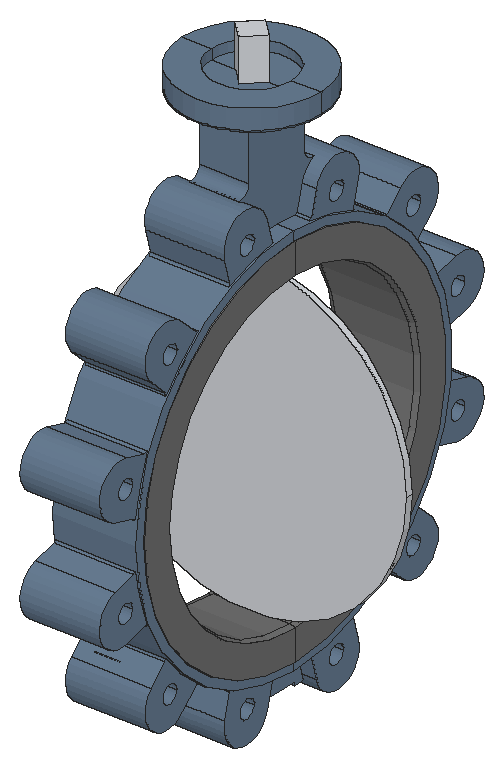
Revit family "HERZ Isolating Butterfly Valves AF-4219", category Rohrzubehör, Revit 2018 (continued)
Lines and regions (mm)
  model lines, detail levels coarse+medium
    curve 11: line (39, 0, -183) -> (-39, 0, 183)
    curve 12: circle (0, 0, 0) r 5 normal (0, -1, 0)
Dimensions and locks
  "H01": Revolve 2 sketch curve to plane 2
  "H02": Revolve 2 sketch curve to Revolve 2 sketch curve
  "R01": Revolve 2 sketch curve to Revolve 2 sketch curve
  "D01": plane 2 to Revolve 1 sketch curve
  "D02": plane 2 to Revolve 1 sketch curve
  "D03": plane 2 to Revolve 1 sketch curve
  "L01": Revolve 1 sketch curve to plane 3 "Mitte (Links/rechts)"
  "L02": plane 3 "Mitte (Links/rechts)" to Revolve 1 sketch curve  (x2)
  "D05": Revolve 6 sketch curve to plane 2
  "D04": Revolve 6 sketch curve to plane 2  (x2)
  "D02": Revolve 6 sketch curve to plane 2  (x2)
  "L03": plane 3 "Mitte (Links/rechts)" to Revolve 6 sketch curve
  "L02": Revolve 6 sketch curve to plane 3 "Mitte (Links/rechts)"
  "L03": Revolve 6 sketch curve to plane 3 "Mitte (Links/rechts)"
  "L01": plane 3 "Mitte (Links/rechts)" to Revolve 1 sketch curve
  "D02": Revolve 1 sketch curve to plane 2
  "L02": plane 3 "Mitte (Links/rechts)" to Revolve 6 sketch curve
  "D03": plane 2 to Revolve 6 sketch curve
  "L04": Revolve 6 sketch curve to plane 3 "Mitte (Links/rechts)" to Revolve 6 sketch curve
  "L01": curve 2 to plane 3 "Mitte (Links/rechts)" to curve 4
  equal spacing: curve 3, curve 6, curve 1
  equal spacing: curve 2, curve 6, curve 4
  "D01": curve 1 to plane 1 "Mitte (Vorne/hinten)" to curve 3
  "L01": curve 7 to curve 12 to curve 9
  "D01": curve 10 to curve 12 to curve 8
  "H03": Revolve 2 sketch curve to Revolve 2 sketch curve
  "R02": Revolve 2 sketch curve to Revolve 2 sketch curve
  equal spacing: Extrusion 24 sketch curve, curve 11, Extrusion 24 sketch curve  (x2)
  "L05": Extrusion 24 sketch curve to Extrusion 24 sketch curve  (x2)
  "H04": Extrusion 24 to plane 2
  "H05": Extrusion 24 to Revolve 2
  "R99": radius of Revolve 2 sketch curve
  "D06": radius of Extrusion 7 sketch curve
  radius of curve 6 = 5.000 mm
  radius of curve 12 = 5.000 mm
  aligned and locked: level to plane 2
Automatic sketch dimensions
  Extrusion 3 sketch curve to Extrusion 3 sketch curve = 0.000 mm  (x20)
  Extrusion 3 sketch curve to level = 0.000 mm
  Extrusion 3 sketch curve to plane 1 "Mitte (Vorne/hinten)" = 0.000 mm
  plane 1 "Mitte (Vorne/hinten)" to Extrusion 3 sketch curve = 18.495 mm  (x2)
  Extrusion 3 sketch curve to Extrusion 3 sketch curve = 1.414 mm  (x16)
  Extrusion 3 sketch curve to Extrusion 3 sketch curve = 12.265 mm  (x8)
  Extrusion 3 sketch curve to level = 19.909 mm  (x2)
  Extrusion 3 sketch curve to Extrusion 3 sketch curve = 24.042 mm  (x8)
  level to Extrusion 3 sketch curve = 19.909 mm  (x2)
  Extrusion 3 sketch curve to Extrusion 3 sketch curve = 12.021 mm  (x12)
  Extrusion 3 sketch curve to plane 1 "Mitte (Vorne/hinten)" = 18.495 mm  (x2)
  Extrusion 3 sketch curve to Extrusion 3 sketch curve = 0.934 mm  (x4)
  Extrusion 4 sketch curve to level = 0.000 mm
  Extrusion 4 sketch curve to plane 1 "Mitte (Vorne/hinten)" = 0.000 mm
  plane 1 "Mitte (Vorne/hinten)" to Extrusion 4 sketch curve = 18.495 mm
  Extrusion 4 sketch curve to Extrusion 4 sketch curve = 1.414 mm  (x4)
  plane 1 "Mitte (Vorne/hinten)" to Extrusion 4 sketch curve = 20.000 mm
  Extrusion 4 sketch curve to Extrusion 4 sketch curve = 12.265 mm  (x2)
  Extrusion 4 sketch curve to Extrusion 4 sketch curve = 15.000 mm  (x2)
  Extrusion 4 sketch curve to Extrusion 4 sketch curve = 12.021 mm  (x4)
  Extrusion 4 sketch curve to plane 1 "Mitte (Vorne/hinten)" = 18.495 mm
  Extrusion 4 sketch curve to plane 1 "Mitte (Vorne/hinten)" = 20.000 mm
  level to Extrusion 4 sketch curve = 43.950 mm
  Extrusion 4 sketch curve to Extrusion 4 sketch curve = 0.000 mm
  Extrusion 4 sketch curve to Extrusion 4 sketch curve = 0.244 mm  (x2)
  Extrusion 4 sketch curve to Extrusion 4 sketch curve = 18.630 mm  (x2)
  Extrusion 4 sketch curve to Extrusion 4 sketch curve = 0.934 mm
  Extrusion 5 sketch curve to level = 0.000 mm
  Extrusion 5 sketch curve to plane 1 "Mitte (Vorne/hinten)" = 0.000 mm
  plane 1 "Mitte (Vorne/hinten)" to Extrusion 5 sketch curve = 15.000 mm
  Extrusion 5 sketch curve to Extrusion 5 sketch curve = 1.963 mm  (x2)
  Extrusion 5 sketch curve to Extrusion 5 sketch curve = 1.531 mm  (x2)
  Extrusion 5 sketch curve to Extrusion 5 sketch curve = 1.414 mm  (x4)
  Extrusion 5 sketch curve to Extrusion 5 sketch curve = 15.210 mm  (x2)
  Extrusion 5 sketch curve to Extrusion 5 sketch curve = 1.660 mm  (x2)
  Extrusion 5 sketch curve to Extrusion 5 sketch curve = 12.021 mm  (x3)
  Extrusion 5 sketch curve to plane 1 "Mitte (Vorne/hinten)" = 15.000 mm
  Extrusion 5 sketch curve to Extrusion 5 sketch curve = 1.037 mm  (x2)
  Extrusion 5 sketch curve to Extrusion 5 sketch curve = 1.400 mm  (x2)
  Extrusion 5 sketch curve to Extrusion 5 sketch curve = 1.785 mm  (x2)
  Extrusion 5 sketch curve to Extrusion 5 sketch curve = 12.635 mm  (x2)
  Extrusion 5 sketch curve to Extrusion 5 sketch curve = 0.934 mm
  Extrusion 5 sketch curve to Extrusion 5 sketch curve = 0.788 mm  (x2)
  Extrusion 5 sketch curve to Extrusion 5 sketch curve = 0.000 mm  (x2)
  Extrusion 4 sketch curve to Extrusion 4 sketch curve = 37.155 mm
  Extrusion 5 sketch curve to level = 43.950 mm
  Extrusion 8 sketch curve to Extrusion 8 sketch curve = 0.000 mm  (x12)
  Extrusion 8 sketch curve to level = 39.244 mm  (x2)
  plane 1 "Mitte (Vorne/hinten)" to Extrusion 8 sketch curve = 63.286 mm
  level to Extrusion 8 sketch curve = 39.244 mm  (x2)
  Extrusion 8 sketch curve to Extrusion 8 sketch curve = 9.190 mm  (x2)
  level to Extrusion 8 sketch curve = 28.614 mm  (x2)
  Extrusion 8 sketch curve to Extrusion 8 sketch curve = 1.441 mm  (x8)
  Extrusion 8 sketch curve to level = 28.614 mm  (x2)
  Extrusion 8 sketch curve to Extrusion 8 sketch curve = 12.021 mm  (x6)
  level to Extrusion 8 sketch curve = 63.286 mm  (x2)
  Extrusion 8 sketch curve to level = 63.286 mm  (x2)
  level to Extrusion 8 sketch curve = 52.636 mm  (x2)
  Extrusion 8 sketch curve to Extrusion 8 sketch curve = 10.650 mm  (x4)
  Extrusion 8 sketch curve to level = 52.636 mm  (x2)
  Extrusion 8 sketch curve to Extrusion 8 sketch curve = 1.414 mm  (x8)
  level to Extrusion 8 sketch curve = 0.001 mm  (x2)
  Extrusion 8 sketch curve to Extrusion 8 sketch curve = 28.594 mm
  Extrusion 8 sketch curve to level = 0.001 mm  (x2)
  Extrusion 8 sketch curve to Extrusion 8 sketch curve = 0.001 mm  (x2)
  Extrusion 8 sketch curve to Extrusion 8 sketch curve = 54.361 mm  (x2)
  Extrusion 8 sketch curve to Extrusion 8 sketch curve = 1.390 mm  (x2)
  Extrusion 8 sketch curve to Extrusion 8 sketch curve = 10.630 mm  (x2)
  Extrusion 8 sketch curve to Extrusion 8 sketch curve = 1.832 mm  (x2)
  Extrusion 9 sketch curve to Extrusion 9 sketch curve = 0.000 mm  (x5)
  Extrusion 9 sketch curve to level = 0.000 mm
  Extrusion 9 sketch curve to level = 51.265 mm
  plane 1 "Mitte (Vorne/hinten)" to Extrusion 9 sketch curve = 51.265 mm
  level to Extrusion 9 sketch curve = 51.265 mm
  Extrusion 9 sketch curve to Extrusion 9 sketch curve = 9.247 mm  (x3)
  Extrusion 9 sketch curve to level = 63.286 mm  (x2)
  Extrusion 9 sketch curve to Extrusion 9 sketch curve = 2.774 mm  (x4)
  level to Extrusion 9 sketch curve = 63.286 mm  (x2)
  Extrusion 9 sketch curve to Extrusion 9 sketch curve = 2.244 mm  (x2)
  Extrusion 9 sketch curve to Extrusion 9 sketch curve = 0.183 mm  (x2)
  level to Extrusion 9 sketch curve = 52.636 mm  (x2)
  Extrusion 9 sketch curve to Extrusion 9 sketch curve = 10.650 mm  (x3)
  Extrusion 9 sketch curve to level = 52.636 mm  (x2)
  Extrusion 9 sketch curve to Extrusion 9 sketch curve = 1.414 mm  (x8)
  Extrusion 9 sketch curve to Extrusion 9 sketch curve = 14.817 mm  (x2)
  Extrusion 9 sketch curve to Extrusion 9 sketch curve = 7.210 mm
  Extrusion 9 sketch curve to Extrusion 9 sketch curve = 1.971 mm
  Extrusion 9 sketch curve to Extrusion 9 sketch curve = 28.595 mm
  Extrusion 9 sketch curve to Extrusion 9 sketch curve = 36.000 mm
  Extrusion 9 sketch curve to Extrusion 9 sketch curve = 1.997 mm
  Extrusion 9 sketch curve to Extrusion 9 sketch curve = 44.000 mm
  Extrusion 9 sketch curve to Extrusion 9 sketch curve = 5.181 mm
  Extrusion 9 sketch curve to Extrusion 9 sketch curve = 7.184 mm
  Extrusion 9 sketch curve to Extrusion 9 sketch curve = 12.021 mm  (x2)
  Extrusion 9 sketch curve to Extrusion 9 sketch curve = 14.891 mm
  Extrusion 9 sketch curve to Extrusion 9 sketch curve = 6.473 mm
  Extrusion 9 sketch curve to Extrusion 9 sketch curve = 12.756 mm  (x2)
  Extrusion 9 sketch curve to Extrusion 9 sketch curve = 55.987 mm
  Extrusion 10 sketch curve to Extrusion 10 sketch curve = 0.000 mm  (x48)
  level to Extrusion 10 sketch curve = 14.909 mm  (x2)
  plane 1 "Mitte (Vorne/hinten)" to Extrusion 10 sketch curve = 80.416 mm
  Extrusion 10 sketch curve to level = 14.909 mm  (x2)
  Extrusion 10 sketch curve to Extrusion 10 sketch curve = 6.506 mm  (x6)
  Extrusion 10 sketch curve to level = 46.321 mm  (x2)
  level to Extrusion 10 sketch curve = 46.321 mm  (x2)
  Extrusion 10 sketch curve to level = 7.243 mm
  Extrusion 10 sketch curve to Extrusion 10 sketch curve = 13.321 mm
  level to Extrusion 10 sketch curve = 7.243 mm
  Extrusion 10 sketch curve to level = 9.076 mm  (x2)
  Extrusion 10 sketch curve to Extrusion 10 sketch curve = 0.759 mm  (x8)
  level to Extrusion 10 sketch curve = 9.076 mm  (x2)
  level to Extrusion 10 sketch curve = 40.487 mm  (x2)
  Extrusion 10 sketch curve to Extrusion 10 sketch curve = 14.082 mm  (x4)
  Extrusion 10 sketch curve to level = 40.487 mm  (x2)
  Extrusion 10 sketch curve to Extrusion 10 sketch curve = 0.758 mm  (x8)
  level to Extrusion 10 sketch curve = 67.405 mm  (x2)
  Extrusion 10 sketch curve to Extrusion 10 sketch curve = 6.243 mm  (x2)
  Extrusion 10 sketch curve to level = 67.405 mm  (x2)
  Extrusion 10 sketch curve to Extrusion 10 sketch curve = 10.245 mm  (x4)
  level to Extrusion 10 sketch curve = 53.322 mm  (x2)
  Extrusion 10 sketch curve to Extrusion 10 sketch curve = 1.831 mm  (x8)
  Extrusion 10 sketch curve to level = 53.322 mm  (x2)
  Extrusion 10 sketch curve to Extrusion 10 sketch curve = 15.706 mm  (x6)
  level to Extrusion 10 sketch curve = 80.416 mm  (x2)
  Extrusion 10 sketch curve to level = 80.416 mm  (x2)
  Extrusion 10 sketch curve to level = 66.335 mm  (x2)
  Extrusion 10 sketch curve to Extrusion 10 sketch curve = 5.832 mm  (x4)
  level to Extrusion 10 sketch curve = 66.335 mm  (x2)
  Extrusion 10 sketch curve to Extrusion 10 sketch curve = 1.833 mm  (x6)
  level to Extrusion 10 sketch curve = 0.000 mm
  Extrusion 10 sketch curve to Extrusion 10 sketch curve = 14.486 mm  (x2)
  Extrusion 10 sketch curve to Extrusion 10 sketch curve = 9.873 mm  (x2)
  Extrusion 10 sketch curve to Extrusion 10 sketch curve = 5.833 mm  (x2)
  Extrusion 10 sketch curve to Extrusion 10 sketch curve = 13.013 mm
  Extrusion 10 sketch curve to Extrusion 10 sketch curve = 14.081 mm  (x2)
  Extrusion 10 sketch curve to Extrusion 10 sketch curve = 1.973 mm  (x4)
  Extrusion 10 sketch curve to Extrusion 10 sketch curve = 1.544 mm  (x4)
  Extrusion 10 sketch curve to Extrusion 10 sketch curve = 1.243 mm  (x3)
  Extrusion 10 sketch curve to Extrusion 10 sketch curve = 0.211 mm  (x2)
  Extrusion 10 sketch curve to Extrusion 10 sketch curve = 0.002 mm  (x5)
  Extrusion 10 sketch curve to Extrusion 10 sketch curve = 0.213 mm  (x2)
  Extrusion 10 sketch curve to Extrusion 10 sketch curve = 41.076 mm
  Extrusion 10 sketch curve to level = 0.000 mm
  level to Extrusion 11 sketch curve = 100.814 mm
  plane 1 "Mitte (Vorne/hinten)" to Extrusion 11 sketch curve = 32.000 mm
  Extrusion 11 sketch curve to Extrusion 11 sketch curve = 1.385 mm
  Extrusion 11 sketch curve to Extrusion 11 sketch curve = 10.000 mm  (x2)
  Extrusion 11 sketch curve to level = 80.416 mm
  Extrusion 11 sketch curve to Extrusion 11 sketch curve = 15.706 mm  (x3)
  level to Extrusion 11 sketch curve = 80.416 mm  (x2)
  Extrusion 11 sketch curve to Extrusion 11 sketch curve = 1.409 mm
  Extrusion 11 sketch curve to level = 66.335 mm  (x2)
  Extrusion 11 sketch curve to Extrusion 11 sketch curve = 5.832 mm  (x3)
  level to Extrusion 11 sketch curve = 66.335 mm  (x2)
  Extrusion 11 sketch curve to Extrusion 11 sketch curve = 1.833 mm  (x4)
  level to Extrusion 11 sketch curve = 0.554 mm
  Extrusion 11 sketch curve to Extrusion 11 sketch curve = 9.076 mm
  Extrusion 11 sketch curve to level = 0.554 mm
  Extrusion 11 sketch curve to Extrusion 11 sketch curve = 0.000 mm  (x3)
  Extrusion 11 sketch curve to Extrusion 11 sketch curve = 14.486 mm  (x2)
  Extrusion 11 sketch curve to Extrusion 11 sketch curve = 44.000 mm
  Extrusion 11 sketch curve to Extrusion 11 sketch curve = 0.759 mm  (x4)
  Extrusion 11 sketch curve to Extrusion 11 sketch curve = 6.506 mm
  Extrusion 11 sketch curve to Extrusion 11 sketch curve = 42.686 mm
  Extrusion 11 sketch curve to level = 80.371 mm
  Extrusion 11 sketch curve to Extrusion 11 sketch curve = 1.390 mm
  Extrusion 11 sketch curve to Extrusion 11 sketch curve = 27.000 mm
  Extrusion 12 sketch curve to Extrusion 12 sketch curve = 0.000 mm  (x40)
  Extrusion 12 sketch curve to level = 0.000 mm
  level to Extrusion 12 sketch curve = 18.736 mm  (x2)
  plane 1 "Mitte (Vorne/hinten)" to Extrusion 12 sketch curve = 89.655 mm
  Extrusion 12 sketch curve to level = 18.736 mm  (x2)
  Extrusion 12 sketch curve to Extrusion 12 sketch curve = 6.506 mm  (x6)
  Extrusion 12 sketch curve to level = 50.147 mm  (x2)
  level to Extrusion 12 sketch curve = 50.147 mm  (x2)
  Extrusion 12 sketch curve to Extrusion 12 sketch curve = 13.415 mm  (x2)
  Extrusion 12 sketch curve to level = 12.858 mm  (x2)
  Extrusion 12 sketch curve to Extrusion 12 sketch curve = 0.776 mm  (x8)
  level to Extrusion 12 sketch curve = 12.858 mm  (x2)
  Extrusion 12 sketch curve to level = 44.269 mm  (x2)
  Extrusion 12 sketch curve to Extrusion 12 sketch curve = 14.192 mm  (x4)
  level to Extrusion 12 sketch curve = 44.269 mm  (x2)
  Extrusion 12 sketch curve to Extrusion 12 sketch curve = 0.775 mm  (x8)
  level to Extrusion 12 sketch curve = 76.644 mm  (x2)
  Extrusion 12 sketch curve to Extrusion 12 sketch curve = 11.529 mm  (x2)
  Extrusion 12 sketch curve to level = 76.644 mm  (x2)
  Extrusion 12 sketch curve to Extrusion 12 sketch curve = 4.008 mm  (x2)
  level to Extrusion 12 sketch curve = 62.451 mm  (x2)
  Extrusion 12 sketch curve to Extrusion 12 sketch curve = 1.871 mm  (x8)
  Extrusion 12 sketch curve to level = 62.451 mm  (x2)
  Extrusion 12 sketch curve to Extrusion 12 sketch curve = 15.706 mm  (x6)
  level to Extrusion 12 sketch curve = 89.655 mm  (x2)
  Extrusion 12 sketch curve to level = 89.655 mm  (x2)
  Extrusion 12 sketch curve to level = 75.464 mm  (x2)
  Extrusion 12 sketch curve to Extrusion 12 sketch curve = 5.878 mm  (x4)
  level to Extrusion 12 sketch curve = 75.464 mm  (x2)
  Extrusion 12 sketch curve to Extrusion 12 sketch curve = 1.873 mm  (x8)
  Extrusion 12 sketch curve to Extrusion 12 sketch curve = 21.969 mm  (x2)
  Extrusion 12 sketch curve to Extrusion 12 sketch curve = 9.827 mm  (x2)
  Extrusion 12 sketch curve to Extrusion 12 sketch curve = 5.879 mm  (x2)
  Extrusion 12 sketch curve to Extrusion 12 sketch curve = 15.537 mm  (x2)
  Extrusion 12 sketch curve to Extrusion 12 sketch curve = 13.013 mm
  Extrusion 12 sketch curve to Extrusion 12 sketch curve = 14.190 mm  (x2)
  Extrusion 12 sketch curve to Extrusion 12 sketch curve = 44.269 mm
  Extrusion 13 sketch curve to Extrusion 13 sketch curve = 0.000 mm  (x5)
  Extrusion 13 sketch curve to level = 0.000 mm
  level to Extrusion 13 sketch curve = 114.470 mm
  plane 1 "Mitte (Vorne/hinten)" to Extrusion 13 sketch curve = 41.000 mm
  Extrusion 13 sketch curve to level = 83.149 mm
  Extrusion 13 sketch curve to Extrusion 13 sketch curve = 6.558 mm  (x2)
  Extrusion 13 sketch curve to Extrusion 13 sketch curve = 15.000 mm  (x2)
  level to Extrusion 13 sketch curve = 89.655 mm  (x2)
  Extrusion 13 sketch curve to Extrusion 13 sketch curve = 15.706 mm  (x2)
  Extrusion 13 sketch curve to Extrusion 13 sketch curve = 5.236 mm  (x2)
  level to Extrusion 13 sketch curve = 75.464 mm  (x2)
  Extrusion 13 sketch curve to Extrusion 13 sketch curve = 5.878 mm  (x3)
  Extrusion 13 sketch curve to level = 75.464 mm  (x2)
  Extrusion 13 sketch curve to Extrusion 13 sketch curve = 1.873 mm  (x4)
  Extrusion 13 sketch curve to Extrusion 13 sketch curve = 12.858 mm
  Extrusion 13 sketch curve to Extrusion 13 sketch curve = 21.969 mm
  Extrusion 13 sketch curve to Extrusion 13 sketch curve = 3.345 mm
  Extrusion 13 sketch curve to Extrusion 13 sketch curve = 3.000 mm  (x2)
  Extrusion 13 sketch curve to Extrusion 13 sketch curve = 6.506 mm  (x3)
  Extrusion 13 sketch curve to Extrusion 13 sketch curve = 0.776 mm  (x4)
  Extrusion 13 sketch curve to Extrusion 13 sketch curve = 31.321 mm
  Extrusion 13 sketch curve to Extrusion 13 sketch curve = 52.530 mm
  Extrusion 13 sketch curve to Extrusion 13 sketch curve = 11.129 mm  (x2)
  Extrusion 13 sketch curve to Extrusion 13 sketch curve = 9.812 mm  (x2)
  Extrusion 13 sketch curve to Extrusion 13 sketch curve = 3.078 mm
  Extrusion 13 sketch curve to Extrusion 13 sketch curve = 21.680 mm
  Extrusion 13 sketch curve to Extrusion 13 sketch curve = 2.515 mm
  Extrusion 13 sketch curve to Extrusion 13 sketch curve = 52.000 mm
  Extrusion 14 sketch curve to Extrusion 14 sketch curve = 0.000 mm  (x22)
  Extrusion 14 sketch curve to level = 24.476 mm  (x2)
  plane 1 "Mitte (Vorne/hinten)" to Extrusion 14 sketch curve = 103.513 mm
  level to Extrusion 14 sketch curve = 24.476 mm  (x2)
  Extrusion 14 sketch curve to Extrusion 14 sketch curve = 6.506 mm  (x6)
  Extrusion 14 sketch curve to Extrusion 14 sketch curve = 11.623 mm  (x2)
  Extrusion 14 sketch curve to level = 19.351 mm  (x2)
  Extrusion 14 sketch curve to Extrusion 14 sketch curve = 0.749 mm  (x8)
  level to Extrusion 14 sketch curve = 19.351 mm  (x2)
  Extrusion 14 sketch curve to level = 55.888 mm  (x2)
  level to Extrusion 14 sketch curve = 55.888 mm  (x2)
  Extrusion 14 sketch curve to level = 50.783 mm  (x2)
  Extrusion 14 sketch curve to Extrusion 14 sketch curve = 12.323 mm  (x4)
  level to Extrusion 14 sketch curve = 50.783 mm  (x2)
  Extrusion 14 sketch curve to Extrusion 14 sketch curve = 0.774 mm  (x8)
  level to Extrusion 14 sketch curve = 90.502 mm  (x2)
  Extrusion 14 sketch curve to Extrusion 14 sketch curve = 21.517 mm  (x2)
  Extrusion 14 sketch curve to level = 90.502 mm  (x2)
  Extrusion 14 sketch curve to Extrusion 14 sketch curve = 3.235 mm  (x2)
  Extrusion 14 sketch curve to level = 78.179 mm  (x2)
  Extrusion 14 sketch curve to Extrusion 14 sketch curve = 1.869 mm  (x8)
  level to Extrusion 14 sketch curve = 78.179 mm  (x2)
  Extrusion 14 sketch curve to Extrusion 14 sketch curve = 15.706 mm  (x6)
  level to Extrusion 14 sketch curve = 103.513 mm  (x2)
  Extrusion 14 sketch curve to level = 103.513 mm  (x2)
  level to Extrusion 14 sketch curve = 91.141 mm  (x2)
  Extrusion 14 sketch curve to Extrusion 14 sketch curve = 5.125 mm  (x4)
  Extrusion 14 sketch curve to level = 91.141 mm  (x2)
  Extrusion 14 sketch curve to Extrusion 14 sketch curve = 1.809 mm  (x8)
  Extrusion 14 sketch curve to level = 0.103 mm  (x2)
  Extrusion 14 sketch curve to Extrusion 14 sketch curve = 90.896 mm
  level to Extrusion 14 sketch curve = 0.103 mm  (x2)
  Extrusion 14 sketch curve to Extrusion 14 sketch curve = 0.142 mm  (x7)
  Extrusion 14 sketch curve to Extrusion 14 sketch curve = 0.207 mm  (x2)
  Extrusion 14 sketch curve to Extrusion 14 sketch curve = 35.084 mm  (x2)
  Extrusion 14 sketch curve to Extrusion 14 sketch curve = 10.601 mm  (x2)
  Extrusion 14 sketch curve to Extrusion 14 sketch curve = 5.104 mm  (x2)
  Extrusion 14 sketch curve to Extrusion 14 sketch curve = 24.752 mm  (x2)
  Extrusion 14 sketch curve to Extrusion 14 sketch curve = 12.962 mm  (x2)
  Extrusion 14 sketch curve to Extrusion 14 sketch curve = 12.372 mm  (x2)
  Extrusion 14 sketch curve to level = 0.245 mm
  Extrusion 14 sketch curve to Extrusion 14 sketch curve = 1.933 mm  (x2)
  Extrusion 14 sketch curve to Extrusion 14 sketch curve = 0.314 mm  (x2)
  level to Extrusion 15 sketch curve = 97.007 mm
  plane 1 "Mitte (Vorne/hinten)" to Extrusion 15 sketch curve = 40.182 mm
  Extrusion 15 sketch curve to level = 97.007 mm
  Extrusion 15 sketch curve to Extrusion 15 sketch curve = 0.000 mm  (x7)
  Extrusion 15 sketch curve to Extrusion 15 sketch curve = 4.132 mm
  Extrusion 15 sketch curve to Extrusion 15 sketch curve = 10.048 mm  (x2)
  Extrusion 15 sketch curve to Extrusion 15 sketch curve = 15.706 mm  (x3)
  level to Extrusion 15 sketch curve = 103.513 mm  (x2)
  level to Extrusion 15 sketch curve = 91.141 mm  (x2)
  Extrusion 15 sketch curve to Extrusion 15 sketch curve = 5.125 mm  (x3)
  Extrusion 15 sketch curve to level = 91.141 mm  (x2)
  Extrusion 15 sketch curve to Extrusion 15 sketch curve = 1.809 mm  (x4)
  Extrusion 15 sketch curve to Extrusion 15 sketch curve = 10.974 mm  (x2)
  Extrusion 15 sketch curve to level = 0.111 mm
  Extrusion 15 sketch curve to Extrusion 15 sketch curve = 19.350 mm
  level to Extrusion 15 sketch curve = 0.111 mm
  Extrusion 15 sketch curve to Extrusion 15 sketch curve = 35.081 mm
  Extrusion 15 sketch curve to Extrusion 15 sketch curve = 4.041 mm
  Extrusion 15 sketch curve to level = 103.513 mm
  Extrusion 15 sketch curve to Extrusion 15 sketch curve = 9.998 mm  (x2)
  Extrusion 15 sketch curve to Extrusion 15 sketch curve = 3.000 mm
  Extrusion 15 sketch curve to Extrusion 15 sketch curve = 6.505 mm  (x2)
  Extrusion 15 sketch curve to Extrusion 15 sketch curve = 0.749 mm  (x4)
  Extrusion 15 sketch curve to Extrusion 15 sketch curve = 20.176 mm  (x2)
  Extrusion 15 sketch curve to Extrusion 15 sketch curve = 62.311 mm
  Extrusion 15 sketch curve to Extrusion 15 sketch curve = 0.048 mm
  Extrusion 15 sketch curve to Extrusion 15 sketch curve = 11.626 mm  (x2)
  Extrusion 15 sketch curve to Extrusion 15 sketch curve = 27.000 mm
  Extrusion 15 sketch curve to Extrusion 15 sketch curve = 52.000 mm
  Extrusion 16 sketch curve to Extrusion 16 sketch curve = 0.000 mm  (x23)
  Extrusion 16 sketch curve to level = 26.521 mm  (x2)
  plane 1 "Mitte (Vorne/hinten)" to Extrusion 16 sketch curve = 118.902 mm
  level to Extrusion 16 sketch curve = 26.521 mm  (x2)
  Extrusion 16 sketch curve to Extrusion 16 sketch curve = 8.036 mm  (x6)
  Extrusion 16 sketch curve to Extrusion 16 sketch curve = 15.875 mm  (x2)
  level to Extrusion 16 sketch curve = 65.323 mm  (x2)
  Extrusion 16 sketch curve to level = 65.323 mm  (x2)
  level to Extrusion 16 sketch curve = 19.621 mm  (x2)
  Extrusion 16 sketch curve to Extrusion 16 sketch curve = 0.782 mm  (x8)
  Extrusion 16 sketch curve to level = 19.621 mm  (x2)
  Extrusion 16 sketch curve to level = 58.409 mm  (x2)
  Extrusion 16 sketch curve to Extrusion 16 sketch curve = 16.693 mm  (x4)
  level to Extrusion 16 sketch curve = 58.409 mm  (x2)
  Extrusion 16 sketch curve to Extrusion 16 sketch curve = 0.763 mm  (x8)
  Extrusion 16 sketch curve to level = 102.829 mm  (x2)
  Extrusion 16 sketch curve to Extrusion 16 sketch curve = 20.050 mm  (x2)
  level to Extrusion 16 sketch curve = 102.829 mm  (x2)
  Extrusion 16 sketch curve to Extrusion 16 sketch curve = 5.074 mm  (x2)
  level to Extrusion 16 sketch curve = 86.136 mm  (x2)
  Extrusion 16 sketch curve to Extrusion 16 sketch curve = 1.841 mm  (x8)
  Extrusion 16 sketch curve to level = 86.136 mm  (x2)
  Extrusion 16 sketch curve to Extrusion 16 sketch curve = 19.401 mm  (x6)
  level to Extrusion 16 sketch curve = 118.902 mm  (x2)
  Extrusion 16 sketch curve to level = 118.902 mm  (x2)
  level to Extrusion 16 sketch curve = 102.246 mm  (x2)
  Extrusion 16 sketch curve to Extrusion 16 sketch curve = 6.899 mm  (x4)
  Extrusion 16 sketch curve to level = 102.246 mm  (x2)
  Extrusion 16 sketch curve to Extrusion 16 sketch curve = 1.887 mm  (x8)
  level to Extrusion 16 sketch curve = 0.002 mm  (x2)
  Extrusion 16 sketch curve to Extrusion 16 sketch curve = 86.133 mm
  Extrusion 16 sketch curve to level = 0.002 mm
  Extrusion 16 sketch curve to Extrusion 16 sketch curve = 0.001 mm  (x8)
  Extrusion 16 sketch curve to Extrusion 16 sketch curve = 35.469 mm  (x2)
  Extrusion 16 sketch curve to Extrusion 16 sketch curve = 12.487 mm  (x2)
  Extrusion 16 sketch curve to Extrusion 16 sketch curve = 6.914 mm  (x2)
  Extrusion 16 sketch curve to Extrusion 16 sketch curve = 25.124 mm  (x2)
  Extrusion 16 sketch curve to Extrusion 16 sketch curve = 16.110 mm
  Extrusion 16 sketch curve to Extrusion 16 sketch curve = 16.656 mm  (x2)
  Extrusion 16 sketch curve to level = 0.003 mm
  Extrusion 16 sketch curve to Extrusion 16 sketch curve = 2.019 mm  (x2)
  Extrusion 16 sketch curve to Extrusion 16 sketch curve = 0.309 mm  (x2)
  Extrusion 16 sketch curve to Extrusion 16 sketch curve = 0.004 mm  (x2)
  Extrusion 17 sketch curve to Extrusion 17 sketch curve = 0.000 mm  (x7)
  Extrusion 17 sketch curve to level = 0.000 mm
  Extrusion 17 sketch curve to plane 1 "Mitte (Vorne/hinten)" = 0.000 mm
  plane 1 "Mitte (Vorne/hinten)" to Extrusion 17 sketch curve = 13.500 mm
  plane 1 "Mitte (Vorne/hinten)" to Extrusion 17 sketch curve = 17.734 mm  (x2)
  Extrusion 17 sketch curve to Extrusion 17 sketch curve = 1.887 mm  (x4)
  plane 1 "Mitte (Vorne/hinten)" to Extrusion 17 sketch curve = 26.000 mm
  Extrusion 17 sketch curve to Extrusion 17 sketch curve = 0.521 mm
  Extrusion 17 sketch curve to Extrusion 17 sketch curve = 13.021 mm  (x2)
  Extrusion 17 sketch curve to Extrusion 17 sketch curve = 4.341 mm  (x2)
  Extrusion 17 sketch curve to Extrusion 17 sketch curve = 10.000 mm  (x2)
  Extrusion 17 sketch curve to Extrusion 17 sketch curve = 19.401 mm  (x4)
  Extrusion 17 sketch curve to plane 1 "Mitte (Vorne/hinten)" = 13.500 mm
  Extrusion 17 sketch curve to plane 1 "Mitte (Vorne/hinten)" = 17.734 mm  (x2)
  Extrusion 17 sketch curve to Extrusion 17 sketch curve = 6.899 mm
  Extrusion 17 sketch curve to level = 102.246 mm
  Extrusion 17 sketch curve to Extrusion 17 sketch curve = 0.782 mm  (x4)
  Extrusion 17 sketch curve to Extrusion 17 sketch curve = 8.620 mm  (x4)
  Extrusion 17 sketch curve to Extrusion 17 sketch curve = 16.656 mm  (x4)
  Extrusion 17 sketch curve to Extrusion 17 sketch curve = 3.000 mm
  level to Extrusion 17 sketch curve = 102.246 mm
  Extrusion 17 sketch curve to Extrusion 17 sketch curve = 16.098 mm  (x2)
  Extrusion 17 sketch curve to Extrusion 17 sketch curve = 64.000 mm
  Extrusion 17 sketch curve to Extrusion 17 sketch curve = 4.938 mm
  Extrusion 18 sketch curve to Extrusion 18 sketch curve = 0.000 mm  (x62)
  Extrusion 18 sketch curve to level = 0.000 mm
  Extrusion 18 sketch curve to level = 17.891 mm  (x2)
  plane 1 "Mitte (Vorne/hinten)" to Extrusion 18 sketch curve = 147.909 mm
  level to Extrusion 18 sketch curve = 17.891 mm  (x2)
  Extrusion 18 sketch curve to Extrusion 18 sketch curve = 5.435 mm  (x6)
  Extrusion 18 sketch curve to level = 58.460 mm  (x2)
  level to Extrusion 18 sketch curve = 58.460 mm  (x2)
  Extrusion 18 sketch curve to Extrusion 18 sketch curve = 15.462 mm  (x2)
  level to Extrusion 18 sketch curve = 13.612 mm  (x2)
  Extrusion 18 sketch curve to Extrusion 18 sketch curve = 0.509 mm  (x8)
  Extrusion 18 sketch curve to level = 13.612 mm  (x2)
  Extrusion 18 sketch curve to level = 54.199 mm  (x2)
  Extrusion 18 sketch curve to Extrusion 18 sketch curve = 15.903 mm  (x4)
  level to Extrusion 18 sketch curve = 54.199 mm  (x2)
  Extrusion 18 sketch curve to Extrusion 18 sketch curve = 0.530 mm  (x8)
  Extrusion 18 sketch curve to level = 89.449 mm  (x2)
  Extrusion 18 sketch curve to Extrusion 18 sketch curve = 1.459 mm  (x2)
  level to Extrusion 18 sketch curve = 89.449 mm  (x2)
  Extrusion 18 sketch curve to Extrusion 18 sketch curve = 10.302 mm  (x2)
  Extrusion 18 sketch curve to level = 77.758 mm  (x2)
  Extrusion 18 sketch curve to Extrusion 18 sketch curve = 1.389 mm  (x8)
  level to Extrusion 18 sketch curve = 77.758 mm  (x2)
  Extrusion 18 sketch curve to Extrusion 18 sketch curve = 14.849 mm  (x6)
  Extrusion 18 sketch curve to level = 119.147 mm  (x2)
  level to Extrusion 18 sketch curve = 119.147 mm  (x2)
  level to Extrusion 18 sketch curve = 107.506 mm  (x2)
  Extrusion 18 sketch curve to Extrusion 18 sketch curve = 11.642 mm  (x4)
  Extrusion 18 sketch curve to level = 107.506 mm  (x2)
  Extrusion 18 sketch curve to Extrusion 18 sketch curve = 1.448 mm  (x8)
  level to Extrusion 18 sketch curve = 137.039 mm  (x2)
  Extrusion 18 sketch curve to Extrusion 18 sketch curve = 17.899 mm  (x2)
  Extrusion 18 sketch curve to level = 137.039 mm  (x2)
  Extrusion 18 sketch curve to Extrusion 18 sketch curve = 2.283 mm  (x2)
  Extrusion 18 sketch curve to level = 121.136 mm  (x2)
  Extrusion 18 sketch curve to Extrusion 18 sketch curve = 1.978 mm  (x8)
  level to Extrusion 18 sketch curve = 121.136 mm  (x2)
  Extrusion 18 sketch curve to Extrusion 18 sketch curve = 20.284 mm  (x6)
  Extrusion 18 sketch curve to level = 147.909 mm  (x2)
  level to Extrusion 18 sketch curve = 147.909 mm  (x2)
  level to Extrusion 18 sketch curve = 131.939 mm  (x2)
  Extrusion 18 sketch curve to Extrusion 18 sketch curve = 4.279 mm  (x4)
  Extrusion 18 sketch curve to level = 131.939 mm  (x2)
  Extrusion 18 sketch curve to Extrusion 18 sketch curve = 1.898 mm  (x8)
  Extrusion 18 sketch curve to Extrusion 18 sketch curve = 13.612 mm
  Extrusion 18 sketch curve to Extrusion 18 sketch curve = 23.429 mm  (x2)
  Extrusion 18 sketch curve to Extrusion 18 sketch curve = 16.023 mm  (x2)
  Extrusion 18 sketch curve to Extrusion 18 sketch curve = 4.261 mm  (x2)
  Extrusion 18 sketch curve to Extrusion 18 sketch curve = 20.183 mm  (x2)
  Extrusion 18 sketch curve to Extrusion 18 sketch curve = 3.158 mm  (x2)
  Extrusion 18 sketch curve to Extrusion 18 sketch curve = 11.691 mm  (x2)
  Extrusion 18 sketch curve to Extrusion 18 sketch curve = 11.760 mm  (x2)
  Extrusion 18 sketch curve to Extrusion 18 sketch curve = 10.803 mm
  Extrusion 18 sketch curve to Extrusion 18 sketch curve = 15.970 mm  (x2)
  Extrusion 19 sketch curve to Extrusion 19 sketch curve = 0.000 mm  (x5)
  Extrusion 19 sketch curve to level = 0.000 mm
  Extrusion 19 sketch curve to level = 142.474 mm
  plane 1 "Mitte (Vorne/hinten)" to Extrusion 19 sketch curve = 38.176 mm
  level to Extrusion 19 sketch curve = 142.474 mm
  Extrusion 19 sketch curve to Extrusion 19 sketch curve = 8.163 mm
  Extrusion 19 sketch curve to Extrusion 19 sketch curve = 2.013 mm  (x2)
  Extrusion 19 sketch curve to level = 147.909 mm
  Extrusion 19 sketch curve to Extrusion 19 sketch curve = 20.284 mm  (x3)
  level to Extrusion 19 sketch curve = 147.909 mm  (x2)
  Extrusion 19 sketch curve to Extrusion 19 sketch curve = 10.109 mm
  Extrusion 19 sketch curve to level = 131.939 mm  (x2)
  Extrusion 19 sketch curve to Extrusion 19 sketch curve = 4.279 mm  (x4)
  level to Extrusion 19 sketch curve = 131.939 mm  (x2)
  Extrusion 19 sketch curve to Extrusion 19 sketch curve = 1.898 mm  (x4)
  Extrusion 19 sketch curve to Extrusion 19 sketch curve = 13.612 mm
  Extrusion 19 sketch curve to Extrusion 19 sketch curve = 23.429 mm  (x2)
  Extrusion 19 sketch curve to Extrusion 19 sketch curve = 56.000 mm
  Extrusion 19 sketch curve to Extrusion 19 sketch curve = 5.435 mm  (x2)
  Extrusion 19 sketch curve to Extrusion 19 sketch curve = 0.509 mm  (x4)
  Extrusion 19 sketch curve to Extrusion 19 sketch curve = 16.081 mm  (x2)
  Extrusion 19 sketch curve to Extrusion 19 sketch curve = 66.010 mm
  Extrusion 19 sketch curve to Extrusion 19 sketch curve = 1.832 mm  (x2)
  Extrusion 19 sketch curve to Extrusion 19 sketch curve = 0.173 mm
  Extrusion 20 sketch curve to level = 22.097 mm  (x2)
  plane 1 "Mitte (Vorne/hinten)" to Extrusion 20 sketch curve = 177.618 mm
  level to Extrusion 20 sketch curve = 22.097 mm  (x2)
  Extrusion 20 sketch curve to Extrusion 20 sketch curve = 0.000 mm  (x17)
  Extrusion 20 sketch curve to Extrusion 20 sketch curve = 6.470 mm  (x4)
  Extrusion 20 sketch curve to Extrusion 20 sketch curve = 2.415 mm  (x8)
  level to Extrusion 20 sketch curve = 70.393 mm  (x2)
  Extrusion 20 sketch curve to level = 70.393 mm  (x2)
  Extrusion 20 sketch curve to Extrusion 20 sketch curve = 18.556 mm  (x2)
  Extrusion 20 sketch curve to level = 16.983 mm  (x2)
  Extrusion 20 sketch curve to Extrusion 20 sketch curve = 0.529 mm  (x16)
  level to Extrusion 20 sketch curve = 16.983 mm  (x2)
  level to Extrusion 20 sketch curve = 65.280 mm  (x2)
  Extrusion 20 sketch curve to Extrusion 20 sketch curve = 19.085 mm  (x6)
  Extrusion 20 sketch curve to level = 65.280 mm  (x2)
  Extrusion 20 sketch curve to level = 107.956 mm  (x2)
  Extrusion 20 sketch curve to Extrusion 20 sketch curve = 2.085 mm  (x2)
  level to Extrusion 20 sketch curve = 107.956 mm  (x2)
  Extrusion 20 sketch curve to Extrusion 20 sketch curve = 12.527 mm  (x2)
  level to Extrusion 20 sketch curve = 93.984 mm  (x2)
  Extrusion 20 sketch curve to Extrusion 20 sketch curve = 1.445 mm  (x16)
  Extrusion 20 sketch curve to level = 93.984 mm  (x2)
  Extrusion 20 sketch curve to Extrusion 20 sketch curve = 17.678 mm  (x4)
  Extrusion 20 sketch curve to Extrusion 20 sketch curve = 1.768 mm  (x8)
  level to Extrusion 20 sketch curve = 143.311 mm  (x2)
  Extrusion 20 sketch curve to level = 143.311 mm  (x2)
  Extrusion 20 sketch curve to level = 129.340 mm  (x2)
  Extrusion 20 sketch curve to Extrusion 20 sketch curve = 13.971 mm  (x6)
  level to Extrusion 20 sketch curve = 129.340 mm  (x2)
  level to Extrusion 20 sketch curve = 164.981 mm  (x2)
  Extrusion 20 sketch curve to Extrusion 20 sketch curve = 22.118 mm  (x2)
  Extrusion 20 sketch curve to level = 164.981 mm  (x2)
  Extrusion 20 sketch curve to Extrusion 20 sketch curve = 3.140 mm  (x2)
  level to Extrusion 20 sketch curve = 145.897 mm  (x2)
  Extrusion 20 sketch curve to Extrusion 20 sketch curve = 1.974 mm  (x8)
  Extrusion 20 sketch curve to level = 145.897 mm  (x2)
  Extrusion 20 sketch curve to Extrusion 20 sketch curve = 24.148 mm  (x4)
  Extrusion 20 sketch curve to Extrusion 20 sketch curve = 0.647 mm  (x8)
  level to Extrusion 20 sketch curve = 177.922 mm  (x2)
  Extrusion 20 sketch curve to level = 177.922 mm  (x2)
  level to Extrusion 20 sketch curve = 158.837 mm  (x2)
  Extrusion 20 sketch curve to Extrusion 20 sketch curve = 5.114 mm  (x6)
  Extrusion 20 sketch curve to level = 158.837 mm  (x2)
  Extrusion 20 sketch curve to Extrusion 20 sketch curve = 1.973 mm  (x8)
  Extrusion 20 sketch curve to level = 0.226 mm  (x2)
  Extrusion 20 sketch curve to Extrusion 20 sketch curve = 158.098 mm
  level to Extrusion 20 sketch curve = 0.226 mm
  level to Extrusion 20 sketch curve = 0.072 mm
  Extrusion 20 sketch curve to Extrusion 20 sketch curve = 0.128 mm  (x3)
  Extrusion 20 sketch curve to level = 0.072 mm
  Extrusion 20 sketch curve to Extrusion 20 sketch curve = 0.061 mm  (x4)
  Extrusion 20 sketch curve to level = 0.036 mm  (x2)
  Extrusion 20 sketch curve to Extrusion 20 sketch curve = 0.324 mm
  Extrusion 20 sketch curve to Extrusion 20 sketch curve = 29.244 mm  (x2)
  Extrusion 20 sketch curve to Extrusion 20 sketch curve = 23.501 mm  (x2)
  Extrusion 20 sketch curve to Extrusion 20 sketch curve = 19.681 mm  (x2)
  Extrusion 20 sketch curve to Extrusion 20 sketch curve = 25.258 mm  (x2)
  Extrusion 20 sketch curve to Extrusion 20 sketch curve = 15.910 mm  (x2)
  Extrusion 20 sketch curve to Extrusion 20 sketch curve = 5.474 mm  (x2)
  Extrusion 20 sketch curve to Extrusion 20 sketch curve = 14.612 mm  (x2)
  Extrusion 20 sketch curve to Extrusion 20 sketch curve = 12.940 mm
  Extrusion 20 sketch curve to Extrusion 20 sketch curve = 4.056 mm  (x2)
  Extrusion 20 sketch curve to Extrusion 20 sketch curve = 0.035 mm  (x2)
  level to Extrusion 20 sketch curve = 0.036 mm  (x2)
  Extrusion 20 sketch curve to Extrusion 20 sketch curve = 0.154 mm
  Extrusion 20 sketch curve to Extrusion 20 sketch curve = 2.037 mm  (x4)
  Extrusion 20 sketch curve to Extrusion 20 sketch curve = 1.856 mm  (x4)
  Extrusion 20 sketch curve to Extrusion 20 sketch curve = 1.841 mm  (x4)
  Extrusion 20 sketch curve to Extrusion 20 sketch curve = 1.179 mm  (x4)
  Extrusion 20 sketch curve to Extrusion 20 sketch curve = 0.856 mm  (x4)
  Extrusion 20 sketch curve to Extrusion 20 sketch curve = 0.153 mm  (x4)
  level to Extrusion 21 sketch curve = 171.452 mm
  plane 1 "Mitte (Vorne/hinten)" to Extrusion 21 sketch curve = 45.940 mm
  Extrusion 21 sketch curve to level = 171.452 mm
  Extrusion 21 sketch curve to Extrusion 21 sketch curve = 0.000 mm  (x2)
  Extrusion 21 sketch curve to Extrusion 21 sketch curve = 6.907 mm
  Extrusion 21 sketch curve to Extrusion 21 sketch curve = 11.901 mm
  Extrusion 21 sketch curve to Extrusion 21 sketch curve = 1.957 mm  (x2)
  Extrusion 21 sketch curve to level = 177.922 mm  (x2)
  Extrusion 21 sketch curve to Extrusion 21 sketch curve = 17.241 mm
  level to Extrusion 21 sketch curve = 177.922 mm  (x2)
  Extrusion 21 sketch curve to Extrusion 21 sketch curve = 10.291 mm  (x2)
  Extrusion 21 sketch curve to Extrusion 21 sketch curve = 0.709 mm  (x2)
  level to Extrusion 21 sketch curve = 158.808 mm  (x2)
  Extrusion 21 sketch curve to Extrusion 21 sketch curve = 5.122 mm  (x3)
  Extrusion 21 sketch curve to level = 158.808 mm  (x2)
  Extrusion 21 sketch curve to Extrusion 21 sketch curve = 1.932 mm  (x4)
  level to Extrusion 21 sketch curve = 0.021 mm
  Extrusion 21 sketch curve to Extrusion 21 sketch curve = 16.588 mm
  Extrusion 21 sketch curve to Extrusion 21 sketch curve = 29.311 mm  (x2)
  Extrusion 21 sketch curve to Extrusion 21 sketch curve = 24.148 mm
  Extrusion 21 sketch curve to Extrusion 21 sketch curve = 17.557 mm
  Extrusion 21 sketch curve to Extrusion 21 sketch curve = 3.000 mm
  Extrusion 21 sketch curve to Extrusion 21 sketch curve = 6.470 mm  (x2)
  Extrusion 21 sketch curve to Extrusion 21 sketch curve = 0.518 mm  (x4)
  Extrusion 21 sketch curve to level = 0.021 mm
  Extrusion 21 sketch curve to Extrusion 21 sketch curve = 17.717 mm  (x2)
  Extrusion 21 sketch curve to Extrusion 21 sketch curve = 67.361 mm
  Extrusion 21 sketch curve to Extrusion 21 sketch curve = 0.120 mm  (x2)
  Extrusion 21 sketch curve to Extrusion 21 sketch curve = 17.951 mm
  Extrusion 21 sketch curve to Extrusion 21 sketch curve = 6.344 mm
  level to Extrusion 22 sketch curve = 28.910 mm  (x2)
  plane 1 "Mitte (Vorne/hinten)" to Extrusion 22 sketch curve = 204.485 mm
  Extrusion 22 sketch curve to level = 28.910 mm  (x2)
  Extrusion 22 sketch curve to Extrusion 22 sketch curve = 0.000 mm  (x9)
  Extrusion 22 sketch curve to Extrusion 22 sketch curve = 6.470 mm  (x4)
  Extrusion 22 sketch curve to Extrusion 22 sketch curve = 4.830 mm  (x8)
  Extrusion 22 sketch curve to level = 77.206 mm  (x2)
  level to Extrusion 22 sketch curve = 77.206 mm  (x2)
  Extrusion 22 sketch curve to Extrusion 22 sketch curve = 20.758 mm  (x2)
  level to Extrusion 22 sketch curve = 23.212 mm  (x2)
  Extrusion 22 sketch curve to Extrusion 22 sketch curve = 0.507 mm  (x8)
  Extrusion 22 sketch curve to level = 23.212 mm  (x2)
  Extrusion 22 sketch curve to level = 71.520 mm  (x2)
  Extrusion 22 sketch curve to Extrusion 22 sketch curve = 21.221 mm  (x4)
  level to Extrusion 22 sketch curve = 71.520 mm  (x2)
  Extrusion 22 sketch curve to Extrusion 22 sketch curve = 0.521 mm  (x8)
  level to Extrusion 22 sketch curve = 127.279 mm  (x2)
  Extrusion 22 sketch curve to Extrusion 22 sketch curve = 7.168 mm  (x2)
  Extrusion 22 sketch curve to level = 127.279 mm  (x2)
  Extrusion 22 sketch curve to Extrusion 22 sketch curve = 14.182 mm  (x2)
  Extrusion 22 sketch curve to level = 111.712 mm  (x2)
  Extrusion 22 sketch curve to Extrusion 22 sketch curve = 1.386 mm  (x8)
  level to Extrusion 22 sketch curve = 111.712 mm  (x2)
  Extrusion 22 sketch curve to Extrusion 22 sketch curve = 17.678 mm  (x4)
  Extrusion 22 sketch curve to Extrusion 22 sketch curve = 3.536 mm  (x8)
  level to Extrusion 22 sketch curve = 162.635 mm  (x2)
  Extrusion 22 sketch curve to level = 162.635 mm  (x2)
  Extrusion 22 sketch curve to level = 147.100 mm  (x2)
  Extrusion 22 sketch curve to Extrusion 22 sketch curve = 15.535 mm  (x4)
  level to Extrusion 22 sketch curve = 147.100 mm  (x2)
  Extrusion 22 sketch curve to Extrusion 22 sketch curve = 1.423 mm  (x8)
  level to Extrusion 22 sketch curve = 191.544 mm  (x2)
  Extrusion 22 sketch curve to Extrusion 22 sketch curve = 33.115 mm  (x2)
  Extrusion 22 sketch curve to level = 191.544 mm  (x2)
  Extrusion 22 sketch curve to Extrusion 22 sketch curve = 3.742 mm  (x2)
  Extrusion 22 sketch curve to level = 170.323 mm  (x2)
  Extrusion 22 sketch curve to Extrusion 22 sketch curve = 1.944 mm  (x8)
  level to Extrusion 22 sketch curve = 170.323 mm  (x2)
  Extrusion 22 sketch curve to Extrusion 22 sketch curve = 24.148 mm  (x4)
  Extrusion 22 sketch curve to Extrusion 22 sketch curve = 1.294 mm  (x8)
  Extrusion 22 sketch curve to level = 204.485 mm  (x2)
  level to Extrusion 22 sketch curve = 204.485 mm  (x2)
  level to Extrusion 22 sketch curve = 183.220 mm  (x2)
  Extrusion 22 sketch curve to Extrusion 22 sketch curve = 5.698 mm  (x4)
  Extrusion 22 sketch curve to level = 183.220 mm  (x2)
  Extrusion 22 sketch curve to Extrusion 22 sketch curve = 1.893 mm  (x8)
  Extrusion 22 sketch curve to level = 0.029 mm
  Extrusion 22 sketch curve to Extrusion 22 sketch curve = 147.001 mm
  level to Extrusion 22 sketch curve = 0.029 mm  (x2)
  Extrusion 22 sketch curve to Extrusion 22 sketch curve = 0.008 mm  (x4)
  Extrusion 22 sketch curve to Extrusion 22 sketch curve = 0.029 mm  (x4)
  Extrusion 22 sketch curve to Extrusion 22 sketch curve = 0.057 mm  (x4)
  Extrusion 22 sketch curve to Extrusion 22 sketch curve = 42.638 mm  (x2)
  Extrusion 22 sketch curve to Extrusion 22 sketch curve = 22.854 mm  (x2)
  Extrusion 22 sketch curve to Extrusion 22 sketch curve = 19.756 mm  (x2)
  Extrusion 22 sketch curve to Extrusion 22 sketch curve = 5.686 mm  (x2)
  Extrusion 22 sketch curve to Extrusion 22 sketch curve = 36.857 mm  (x2)
  Extrusion 22 sketch curve to Extrusion 22 sketch curve = 14.142 mm  (x2)
  Extrusion 22 sketch curve to Extrusion 22 sketch curve = 5.646 mm  (x2)
  Extrusion 22 sketch curve to Extrusion 22 sketch curve = 15.567 mm  (x2)
  Extrusion 22 sketch curve to Extrusion 22 sketch curve = 21.349 mm  (x2)
  Extrusion 22 sketch curve to Extrusion 22 sketch curve = 12.897 mm
  Extrusion 22 sketch curve to Extrusion 22 sketch curve = 1.641 mm  (x2)
  Extrusion 22 sketch curve to Extrusion 22 sketch curve = 21.266 mm  (x2)
  Extrusion 22 sketch curve to level = 0.066 mm
  Extrusion 22 sketch curve to Extrusion 22 sketch curve = 0.037 mm
  Extrusion 22 sketch curve to Extrusion 22 sketch curve = 0.014 mm  (x4)
  Extrusion 22 sketch curve to Extrusion 22 sketch curve = 0.023 mm  (x3)
  Extrusion 22 sketch curve to Extrusion 22 sketch curve = 1.959 mm  (x2)
  Extrusion 22 sketch curve to Extrusion 22 sketch curve = 1.725 mm  (x2)
  Extrusion 23 sketch curve to Extrusion 23 sketch curve = 0.000 mm  (x4)
  Extrusion 23 sketch curve to level = 0.000 mm
  level to Extrusion 23 sketch curve = 198.015 mm
  plane 1 "Mitte (Vorne/hinten)" to Extrusion 23 sketch curve = 53.058 mm
  Extrusion 23 sketch curve to Extrusion 23 sketch curve = 11.058 mm
  Extrusion 23 sketch curve to Extrusion 23 sketch curve = 10.000 mm  (x2)
  Extrusion 23 sketch curve to Extrusion 23 sketch curve = 21.696 mm
  Extrusion 23 sketch curve to level = 204.485 mm
  Extrusion 23 sketch curve to Extrusion 23 sketch curve = 2.452 mm  (x2)
  level to Extrusion 23 sketch curve = 204.485 mm  (x2)
  Extrusion 23 sketch curve to Extrusion 23 sketch curve = 24.148 mm  (x3)
  Extrusion 23 sketch curve to level = 183.220 mm  (x2)
  Extrusion 23 sketch curve to Extrusion 23 sketch curve = 5.698 mm  (x3)
  level to Extrusion 23 sketch curve = 183.220 mm  (x2)
  Extrusion 23 sketch curve to Extrusion 23 sketch curve = 1.893 mm  (x4)
  Extrusion 23 sketch curve to Extrusion 23 sketch curve = 7.910 mm  (x2)
  Extrusion 23 sketch curve to Extrusion 23 sketch curve = 23.212 mm
  Extrusion 23 sketch curve to Extrusion 23 sketch curve = 42.000 mm
  Extrusion 23 sketch curve to Extrusion 23 sketch curve = 42.638 mm
  Extrusion 23 sketch curve to Extrusion 23 sketch curve = 0.319 mm
  Extrusion 23 sketch curve to Extrusion 23 sketch curve = 64.000 mm
  Extrusion 23 sketch curve to Extrusion 23 sketch curve = 2.951 mm
  Extrusion 23 sketch curve to Extrusion 23 sketch curve = 3.000 mm  (x2)
  Extrusion 23 sketch curve to Extrusion 23 sketch curve = 12.421 mm
  Extrusion 23 sketch curve to Extrusion 23 sketch curve = 0.507 mm  (x4)
  Extrusion 23 sketch curve to Extrusion 23 sketch curve = 6.470 mm
  Extrusion 23 sketch curve to Extrusion 23 sketch curve = 26.515 mm  (x2)
  Extrusion 23 sketch curve to Extrusion 23 sketch curve = 57.000 mm
  Extrusion 23 sketch curve to Extrusion 23 sketch curve = 0.014 mm  (x2)
  curve 12 to level = 0.000 mm
  curve 12 to plane 3 "Mitte (Links/rechts)" = 0.000 mm
  Revolve 1 sketch curve to level = 0.000 mm
  Revolve 1 sketch curve to Revolve 1 sketch curve = 1330.490 mm
  Revolve 1 sketch curve to Revolve 1 sketch curve = 1877.483 mm
  Revolve 2 sketch curve to plane 3 "Mitte (Links/rechts)" = 0.000 mm  (x2)
  Revolve 2 sketch curve to Revolve 2 sketch curve = 0.333 mm
  Revolve 2 sketch curve to level = 366.045 mm
  Revolve 2 sketch curve to Revolve 2 sketch curve = 2089.315 mm
  Revolve 6 sketch curve to level = 0.000 mm
  Revolve 6 sketch curve to Revolve 6 sketch curve = 1463.783 mm
  Revolve 6 sketch curve to Revolve 6 sketch curve = 1741.775 mm
  Extrusion 7 sketch curve to level = 0.000 mm
  Extrusion 7 sketch curve to plane 3 "Mitte (Links/rechts)" = 0.000 mm
  Extrusion 24 sketch curve to plane 3 "Mitte (Links/rechts)" = 0.000 mm
  radius of Extrusion 3 sketch curve = 6.920 mm  (x4)
  radius of Extrusion 8 sketch curve = 6.920 mm  (x4)
  radius of Extrusion 10 sketch curve = 6.920 mm  (x8)
  radius of Extrusion 12 sketch curve = 6.920 mm  (x8)
  radius of Extrusion 14 sketch curve = 6.920 mm  (x8)
  radius of Extrusion 16 sketch curve = 8.645 mm  (x8)
  radius of Extrusion 18 sketch curve = 8.645 mm  (x12)
  radius of Extrusion 20 sketch curve = 8.645 mm  (x12)
  radius of Extrusion 22 sketch curve = 8.645 mm  (x12)
Nested families
  nested 1: "Herz-Logo-vorne" at (-15, 0, 92), visible <- "DN50", type "Herz-Logo-vorne", detail levels fine
  nested 2: "Herz-Logo-vorne" at (-18, 0, 116.5), visible <- "DN65", type "Herz-Logo-vorne", detail levels fine
  nested 3: "Herz-Logo-vorne" at (-18.5, 0, 123.5), visible <- "DN80", type "Herz-Logo-vorne", detail levels fine
  nested 4: "Herz-Logo-vorne" at (-18, 0, 147), visible <- "DN100", type "Herz-Logo-vorne", detail levels fine
  nested 5: "Herz-Logo-vorne" at (-18, 0, 166), visible <- "DN125", type "Herz-Logo-vorne", detail levels fine
  nested 6: "Herz-Logo-vorne" at (-18, 0, 179), visible <- "DN150", type "Herz-Logo-vorne", detail levels fine
  nested 7: "Herz-Logo-vorne" at (-20, 0, 210), visible <- "DN200", type "Herz-Logo-vorne", detail levels fine
  nested 8: "Herz-Logo-vorne" at (-23, 0, 243), visible <- "DN250", type "Herz-Logo-vorne", detail levels fine
  nested 9: "Herz-Logo-vorne" at (-23, 0, 268), visible <- "DN300", type "Herz-Logo-vorne", detail levels fine
Connectors
  piping at (-40.5, 0, 0), diameter 300, driven by "Nennweite"
    settings: on Revolve 6, index 1, connector inside diameter 609.6 mm, connector length 0.000 mm, flow factor 0, pipe flow 0.0 L/s, pressure drop 0.0 Pa, fitting loss kfactor 0, connector angle 0.00°, fixture units 0, engagement length 0.000 mm, angle of deflection 0.00°, flow configuration 0, flow direction 0, fitting loss method 0, system type 29, joint type 0, gender type 0, connector reference index -1, connector utility 0, adjustable connector no, is connector primary yes, connector description ""
  piping at (40.5, 0, 0), diameter 300, driven by "Nennweite"
    settings: on Revolve 6, index 2, connector inside diameter 609.6 mm, connector length 0.000 mm, flow factor 0, pipe flow 0.0 L/s, pressure drop 0.0 Pa, fitting loss kfactor 0, connector angle 0.00°, fixture units 0, engagement length 0.000 mm, angle of deflection 0.00°, flow configuration 0, flow direction 0, fitting loss method 0, system type 29, joint type 0, gender type 0, connector reference index -1, connector utility 0, adjustable connector no, is connector primary no, connector description ""
Definition of nested family "Herz-Logo-vorne"
  Reference planes
    plane 1 "Mitte (Vorne/hinten)": y = 0
    plane 2: z = 0
    plane 3 "Mitte (Links/rechts)": x = 0
  Forms (mm)
    Extrusion 1, solid
      sketch origin (0.732, -0.018, 0.017) x (0, -1, 0) y (0, 0, 1)
        loop
          line (-0.018, -4.517) -> (4.482, -4.517) -> (4.482, 4.483) -> (-4.518, 4.483) -> (-4.518, -4.517) -> (-0.018, -4.517)
        loop
          line (-0.05, -3.48) -> (3.482, -3.48) -> (3.482, 3.483) -> (-3.518, 3.483) -> (-3.518, -3.48) -> (-0.05, -3.48)
        loop
          arc (-0.018, 2.383) -> (-1.543, 3.287) -> (-3.067, 2.383) r 1.738
          arc (-3.067, 2.383) -> (-3.191, 1.899) -> (-3.067, 1.415) r 1.009
          line (-3.067, 1.415) -> (-0.018, -3.281) -> (3.032, 1.415)
          arc (3.032, 1.415) -> (3.156, 1.899) -> (3.032, 2.383) r 1.009
          arc (3.032, 2.383) -> (1.507, 3.287) -> (-0.018, 2.383) r 1.738
        loop
          arc (1.885, 1.272) -> (2.005, 1.675) -> (1.885, 2.079) r 0.74
          arc (1.885, 2.079) -> (1.265, 2.416) -> (0.644, 2.079) r 0.74
          line (0.644, 2.079) -> (-0.018, 0.97) -> (-0.679, 2.079)
          arc (-0.679, 2.079) -> (-1.3, 2.416) -> (-1.921, 2.079) r 0.74
          arc (-1.921, 2.079) -> (-2.04, 1.675) -> (-1.921, 1.272) r 0.74
          line (-1.921, 1.272) -> (-0.018, -1.658) -> (1.885, 1.272)
      from 0 to 1.5
  Dimensions and locks
    aligned and locked: level to plane 2
